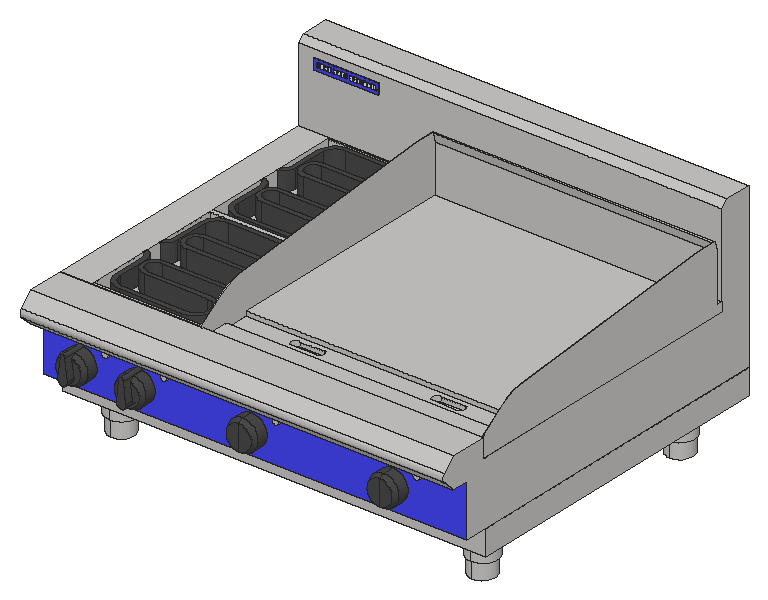
Revit family "QF_MOFFAT_BLUESEAL_CE_E516B-B", category Specialty Equipment, Revit 2012
Parameters
  Width [instance] = 900.0 mm  # constant formula
  Weight in Pounds = 198  # constant formula
  Watts = 11600 W
  Volts = 400 V
  URL Cutsheet = "www.moffat.com"
  URL = "www.moffat.com"
  Type Mark [instance] = ""
  Status [instance] = ""
  Specification by User [instance] = ""
  Specification by Manufacturer = ""
  Show Logo [instance] = yes
  Serial Number = ""
  Seismic Rating = ""
  SMACNA No = ""
  Revision Code [instance] = ""
  Phase = 3
  Omniclass Number and Title = ""
  Number of Poles = 1
  NAFEM Spec ID Number = ""
  Model = "E516B-B"
  Min Ckt Ampacity = 0 A
  Max Overcurrent Protection = 0 A
  Masterspec = ""
  Manufacturer = "MOFFAT BLUESEAL"
  Item Number [instance] = ""
  Installed By [instance] = ""
  Identify Quantity as Lot [instance] = yes
  Height [instance] = 370.0 mm  # constant formula
  HP = ""
  Furnished By [instance] = ""
  Foodservice Equipment Identifier [instance] = yes
  FL Amps = 20 A
  Electrical Remarks = "20A PER PHASE"
  Elec Conn RI Height = 0.0 mm
  Elec Conn Connection Height = 0.0 mm
  Description = "900MM ELECTRIC COOK TOP BENCH MOUNT"
  Depth [instance] = 812.0 mm  # constant formula
  Cycle = 50 Hz
  Conn Plug = ""
  Conn Conduit = yes
  CSI MasterFormat = ""
  CSI Master Format = ""
  Base Height [instance] = 85.0 mm
  Apparent Power = if(Phase = 3, Volts * FL Amps * 1.73, Volts * FL Amps)  # 13840 VA
Reference planes
  plane 1 "BACK": y = 0
  plane 2: z = 0
  plane 3 "LEFT": x = 0
  plane 4 "RIGHT": x = 900
  plane 5 "FRONT": y = -812
  plane 6 "TOP": z = 375
  plane 7 "Center Y": x = 450
  plane 8 "Center X": y = -406
  plane 9 "Base Height": z = 85
  plane 10: z = 485
  plane 11: y = -100
  plane 12: y = -625
  plane 13: x = 834.5
  plane 14: x = 65.5
Forms (mm)
  Extrusion 1, solid, material "QF_Finishes_Stainless Steel"
    sketch origin (0, 0, 0) x (0, 1, 0) y (0, 0, 1)
      loop
        line (0, 140) -> (0, 485) -> (-57.5, 485) -> (-70, 472.5) -> (-70, 275) -> (-705, 275) -> (-705, 315) -> (-783.97, 315) -> (-808.485, 290.485)
        arc (-808.485, 290.485) -> (-811.999, 282) -> (-808.485, 273.515) r 12
        line (-808.485, 273.515) -> (-784.97, 250) -> (-749, 250) -> (-749, 140) -> (0, 140)
      loop
        line (0, 85) -> (0, 139.206) -> (-699, 139.206) -> (-699, 85) -> (0, 85)
    from 0 to 900
  Revolve 2, solid, material "QF_Finishes_Stainless Steel"
    sketch origin (65.5, -210, 0) x (0, 1, 0) y (0, 0, 1)
      loop
        line (78.25, 85) -> (78.25, 35) -> (82.5, 35) -> (82.5, 0) -> (110, 0) -> (110, 85) -> (78.25, 85)
      axis (110, 85) -> (110, 0)
    angle from 0 to 360
  Extrusion 3, void
    sketch origin (0, -706, 139.206) x (0, 1, 0) y (-1, 0, 0)
      loop
        circle (674, -770) r 13.5
    from 0 to -86.704
  Revolve 4, solid, material "QF_Finishes_Black"
    sketch origin (87.5, 7, -6.7) x (0, 1, 0) y (0, 0, -1)
      loop
        line (-789, -234.5) -> (-766, -234.5) -> (-766, -207) -> (-756, -207) -> (-756, -202) -> (-800, -202) -> (-800, -228.651) -> (-789, -234.5)
      axis (-800, -202) -> (-756, -202)
    angle from 0 to 360
  Extrusion 5, solid, material "QF_Finishes_Black"
    sketch origin (225.77, 0, -6.542) x (-1, 0, 0) y (0, 0, -1)
      loop
        line (143.268, -233.955) -> (148.757, -189.87)
        arc (148.757, -189.87) -> (137.685, -179.371) -> (127.85, -191.037) r 10.487
        line (127.85, -191.037) -> (133.271, -233.955)
        arc (133.271, -233.955) -> (138.27, -238.842) -> (143.268, -233.955) r 5
    from 759 to 808
  Revolve 6, solid, material "QF_Finishes_Stainless Steel"
    sketch origin (65.5, -728, 0) x (0, 1, 0) y (0, 0, 1)
      loop
        line (71.25, 85) -> (71.25, 35) -> (75.5, 35) -> (75.5, 0) -> (103, 0) -> (103, 85) -> (71.25, 85)
      axis (103, 85) -> (103, 0)
    angle from 0 to 360
  Extrusion 7, solid, material "QF_Finishes_Stainless Steel"
    sketch origin (0, -706, 139.206) x (0, 1, 0) y (-1, 0, 0)
      loop
        circle (675, -769.75) r 6.35
    from 0 to -24.206
  Extrusion 8, solid, material "QF_Finishes_Stainless Steel"
    sketch origin (0, -749, 250) x (0, 0, -1) y (1, 0, 0)
      loop
        circle (24.7, 132.5) r 7.15
      loop
        circle (24.7, 257.5) r 7.15
      loop
        circle (24.7, 495.734) r 7.15
      loop
        circle (24.7, 795.734) r 7.15
    from 0 to 3.2
  Revolve 9, solid, material "QF_Finishes_Stainless Steel"
    sketch origin (834.5, -210, 0) x (0, 1, 0) y (0, 0, -1)
      loop
        line (78.25, -85) -> (110, -85) -> (110, 0) -> (82.5, 0) -> (82.5, -35) -> (78.25, -35) -> (78.25, -85)
      axis (110, -85) -> (110, 0)
    angle from 0 to 360
  Revolve 10, solid, material "QF_Finishes_Stainless Steel"
    sketch origin (834.5, -728, 0) x (0, 1, 0) y (0, 0, -1)
      loop
        line (71.25, -85) -> (103, -85) -> (103, 0) -> (75.5, 0) -> (75.5, -35) -> (71.25, -35) -> (71.25, -85)
      axis (103, -85) -> (103, 0)
    angle from 0 to 360
  Revolve 11, solid, material "QF_Finishes_Black"
    sketch origin (211.766, 7, -6.7) x (0, 1, 0) y (0, 0, -1)
      loop
        line (-789, -234.5) -> (-766, -234.5) -> (-766, -207) -> (-756, -207) -> (-756, -202) -> (-800, -202) -> (-800, -228.651) -> (-789, -234.5)
      axis (-800, -202) -> (-756, -202)
    angle from 0 to 360
  Extrusion 12, solid, material "QF_Finishes_Black"
    sketch origin (350.035, 0, -6.542) x (-1, 0, 0) y (0, 0, -1)
      loop
        line (143.268, -233.955) -> (148.757, -189.87)
        arc (148.757, -189.87) -> (137.685, -179.371) -> (127.85, -191.037) r 10.487
        line (127.85, -191.037) -> (133.271, -233.955)
        arc (133.271, -233.955) -> (138.27, -238.842) -> (143.268, -233.955) r 5
    from 759 to 808
  Revolve 13, solid, material "QF_Finishes_Black"
    sketch origin (450, 7, -6.7) x (0, 1, 0) y (0, 0, -1)
      loop
        line (-789, -234.5) -> (-766, -234.5) -> (-766, -207) -> (-756, -207) -> (-756, -202) -> (-800, -202) -> (-800, -228.651) -> (-789, -234.5)
      axis (-800, -202) -> (-756, -202)
    angle from 0 to 360
  Revolve 14, solid, material "QF_Finishes_Black"
    sketch origin (750, 7, -6.7) x (0, 1, 0) y (0, 0, -1)
      loop
        line (-789, -234.5) -> (-766, -234.5) -> (-766, -207) -> (-756, -207) -> (-756, -202) -> (-800, -202) -> (-800, -228.651) -> (-789, -234.5)
      axis (-800, -202) -> (-756, -202)
    angle from 0 to 360
Cuts and joins
  joined: Revolve 4, Extrusion 5
  Extrusion 3 cuts Extrusion 1
Lines and regions (mm)
  Split face 1
    outline origin (900, 0, 485) x (-1, 0, 0) y (0, -1, 0)
      loop
        arc (856, 18.385) -> (864.66, 23.385) -> (864.66, 33.385) r 10
        line (864.66, 33.385) -> (860.619, 40.385)
        arc (860.619, 40.385) -> (856.959, 44.045) -> (851.959, 45.385) r 10
        line (851.959, 45.385) -> (624, 45.385)
        arc (624, 45.385) -> (615.34, 40.385) -> (615.34, 30.385) r 10
        line (615.34, 30.385) -> (619.381, 23.385)
        arc (619.381, 23.385) -> (623.041, 19.725) -> (628.041, 18.385) r 10
        line (628.041, 18.385) -> (856, 18.385)
  Split face 2
    outline origin (900, 0, 485) x (-1, 0, 0) y (0, -1, 0)
      loop
        arc (276, 18.385) -> (284.66, 23.385) -> (284.66, 33.385) r 10
        line (284.66, 33.385) -> (280.619, 40.385)
        arc (280.619, 40.385) -> (276.959, 44.045) -> (271.959, 45.385) r 10
        line (271.959, 45.385) -> (44, 45.385)
        arc (44, 45.385) -> (35.34, 40.385) -> (35.34, 30.385) r 10
        line (35.34, 30.385) -> (39.381, 23.385)
        arc (39.381, 23.385) -> (43.041, 19.725) -> (48.041, 18.385) r 10
        line (48.041, 18.385) -> (276, 18.385)
  Split face 3
    outline origin (900, 0, 485) x (-1, 0, 0) y (0, -1, 0)
      loop
        arc (566, 18.385) -> (574.66, 23.385) -> (574.66, 33.385) r 10
        line (574.66, 33.385) -> (570.619, 40.385)
        arc (570.619, 40.385) -> (566.959, 44.045) -> (561.959, 45.385) r 10
        line (561.959, 45.385) -> (334, 45.385)
        arc (334, 45.385) -> (325.34, 40.385) -> (325.34, 30.385) r 10
        line (325.34, 30.385) -> (329.381, 23.385)
        arc (329.381, 23.385) -> (333.041, 19.725) -> (338.041, 18.385) r 10
        line (338.041, 18.385) -> (566, 18.385)
  symbolic lines
    curve 1: line (0, -812, 0) -> (900, -812, 0)
    curve 2: line (0, 0, 0) -> (0, -812, 0)
    curve 3: line (900, 0, 0) -> (0, 0, 0)
    curve 4: line (900, -812, 0) -> (900, 0, 0)
    curve 5: line (0, -57.5, 0) -> (900, -57.5, 0)
    curve 6: line (0, -70, 0) -> (900, -70, 0)
    curve 7: line (0, -783.97, 0) -> (900, -783.97, 0)
    curve 8: line (0, -705, 0) -> (900, -705, 0)
    curve 9: line (271.959, -18.385, 0) -> (44, -18.385, 0)
    curve 10: arc (44, -18.385, 0) -> (35.34, -23.385, 0) -> (35.34, -33.385, 0) r 10
    curve 11: line (35.34, -33.385, 0) -> (39.381, -40.385, 0)
    curve 12: arc (39.381, -40.385, 0) -> (43.041, -44.045, 0) -> (48.041, -45.385, 0) r 10
    curve 13: line (48.041, -45.385, 0) -> (276, -45.385, 0)
    curve 14: arc (276, -45.385, 0) -> (284.66, -40.385, 0) -> (284.66, -30.385, 0) r 10
    curve 15: line (284.66, -30.385, 0) -> (280.619, -23.385, 0)
    curve 16: arc (280.619, -23.385, 0) -> (276.959, -19.725, 0) -> (271.959, -18.385, 0) r 10
    curve 17: line (334, -18.385, 0) -> (561.959, -18.385, 0)
    curve 18: arc (561.959, -18.385, 0) -> (566.959, -19.725, 0) -> (570.619, -23.385, 0) r 10
    curve 19: line (570.619, -23.385, 0) -> (574.66, -30.385, 0)
    curve 20: arc (574.66, -30.385, 0) -> (574.66, -40.385, 0) -> (566, -45.385, 0) r 10
    curve 21: line (566, -45.385, 0) -> (338.041, -45.385, 0)
    curve 22: arc (338.041, -45.385, 0) -> (333.041, -44.045, 0) -> (329.381, -40.385, 0) r 10
    curve 23: line (329.381, -40.385, 0) -> (325.34, -33.385, 0)
    curve 24: arc (325.34, -33.385, 0) -> (325.34, -23.385, 0) -> (334, -18.385, 0) r 10
    curve 25: line (624, -18.385, 0) -> (851.959, -18.385, 0)
    curve 26: arc (851.959, -18.385, 0) -> (856.959, -19.725, 0) -> (860.619, -23.385, 0) r 10
    curve 27: line (860.619, -23.385, 0) -> (864.66, -30.385, 0)
    curve 28: arc (864.66, -30.385, 0) -> (864.66, -40.385, 0) -> (856, -45.385, 0) r 10
    curve 29: line (856, -45.385, 0) -> (628.041, -45.385, 0)
    curve 30: arc (628.041, -45.385, 0) -> (623.041, -44.045, 0) -> (619.381, -40.385, 0) r 10
    curve 31: line (619.381, -40.385, 0) -> (615.34, -33.385, 0)
    curve 32: arc (615.34, -33.385, 0) -> (615.34, -23.385, 0) -> (624, -18.385, 0) r 10
Dimensions and locks
  equal spacing: plane 3 "LEFT", plane 7 "Center Y", plane 4 "RIGHT"
  "Width": plane 3 "LEFT" to plane 4 "RIGHT"
  equal spacing: plane 5 "FRONT", plane 8 "Center X", plane 1 "BACK"
  "Depth": plane 5 "FRONT" to plane 1 "BACK"
  "Base Height": plane 9 "Base Height" to level
  locked: plane 6 "TOP" to plane 9 "Base Height" at 290
  plane 6 "TOP" to level = 375.0 mm
  locked: plane 10 to plane 2 at 485
  Extrusion 7 sketch curve to plane 1 "BACK" = 31.0 mm
  cut or joined group of Extrusion 1, Extrusion 3 to plane 2 = 315.0 mm
  aligned and locked: level to plane 2
  aligned and locked: Revolve 2 sketch curve to plane 9 "Base Height"
  aligned and locked: cut or joined group of Extrusion 1, Extrusion 3 to plane 4 "RIGHT"
Automatic sketch dimensions
  curve 1 to plane 3 "LEFT" = 0.0 mm
  curve 4 to plane 4 "RIGHT" = 0.0 mm
  plane 5 "FRONT" to curve 1 = 0.0 mm
  plane 1 "BACK" to curve 3 = 0.0 mm
  curve 11 to plane 14 = 30.16 mm
  curve 11 to curve 12 = 4.041 mm
  curve 10 to curve 9 = 8.66 mm
  curve 11 to curve 12 = 8.66 mm
  plane 1 "BACK" to curve 16 = 28.385 mm
  curve 16 to plane 7 "Center Y" = 178.041 mm
  curve 16 to curve 14 = 4.041 mm  (x2)
  plane 1 "BACK" to curve 15 = 23.385 mm
  curve 9 to curve 15 = 8.66 mm
  plane 1 "BACK" to curve 23 = 33.385 mm
  curve 15 to curve 23 = 40.679 mm
  curve 24 to curve 22 = 4.041 mm  (x2)
  curve 24 to curve 24 = 8.66 mm
  plane 1 "BACK" to curve 18 = 18.385 mm
  plane 7 "Center Y" to curve 18 = 111.959 mm
  curve 18 to curve 21 = 4.041 mm
  curve 17 to curve 18 = 8.66 mm
  plane 1 "BACK" to curve 19 = 30.385 mm
  curve 18 to curve 19 = 4.041 mm
  plane 1 "BACK" to curve 31 = 33.385 mm
  curve 19 to curve 31 = 40.679 mm
  plane 1 "BACK" to curve 31 = 40.385 mm
  curve 31 to curve 31 = 4.041 mm
  curve 32 to curve 32 = 8.66 mm
  curve 31 to curve 30 = 8.66 mm
  plane 13 to curve 26 = 17.459 mm
  curve 26 to curve 29 = 4.041 mm
  curve 25 to curve 27 = 8.66 mm
  curve 26 to curve 27 = 4.041 mm
  curve 7 to plane 5 "FRONT" = 28.03 mm
  curve 7 to curve 8 = 78.97 mm
  plane 11 to curve 6 = 30.0 mm
  curve 6 to curve 5 = 12.5 mm
  curve 21 to curve 24 = 17.0 mm
  plane 1 "BACK" to curve 28 = 45.385 mm
  curve 14 to curve 16 = 17.0 mm
  curve 13 to curve 12 = 5.0 mm
  curve 22 to curve 24 = 7.0 mm
  curve 29 to curve 28 = 10.0 mm
  curve 14 to curve 16 = 7.0 mm
  curve 12 to curve 10 = 7.0 mm
  curve 28 to curve 26 = 7.0 mm
  curve 30 to curve 32 = 7.0 mm
  curve 20 to curve 18 = 7.0 mm
  Extrusion 1 sketch curve to plane 9 "Base Height" = 0.0 mm
  Extrusion 1 sketch curve to plane 10 = 0.0 mm
  Extrusion 1 sketch curve to plane 1 "BACK" = 0.0 mm  (x2)
  plane 11 to Extrusion 1 sketch curve = 42.5 mm
  Extrusion 1 sketch curve to plane 10 = 12.5 mm
  Extrusion 1 sketch curve to Extrusion 1 sketch curve = 12.5 mm
  Extrusion 1 sketch curve to plane 12 = 74.0 mm
  Extrusion 1 sketch curve to plane 12 = 80.0 mm
  Extrusion 1 sketch curve to Extrusion 1 sketch curve = 44.0 mm
  Extrusion 1 sketch curve to plane 5 "FRONT" = 28.03 mm
  Extrusion 1 sketch curve to plane 5 "FRONT" = 27.03 mm
  Extrusion 1 sketch curve to plane 5 "FRONT" = 12.001 mm
  Extrusion 1 sketch curve to plane 5 "FRONT" = 3.515 mm  (x2)
  plane 9 "Base Height" to Extrusion 1 sketch curve = 54.206 mm
  Extrusion 1 sketch curve to Extrusion 1 sketch curve = 0.794 mm
  Extrusion 1 sketch curve to Extrusion 1 sketch curve = 110.0 mm
  Extrusion 1 sketch curve to Extrusion 1 sketch curve = 23.515 mm
  Extrusion 1 sketch curve to Extrusion 1 sketch curve = 25.0 mm
  Extrusion 1 sketch curve to Extrusion 1 sketch curve = 8.485 mm
  Extrusion 1 sketch curve to Extrusion 1 sketch curve = 24.515 mm
  Revolve 2 sketch curve to level = 0.0 mm
  Revolve 2 sketch curve to plane 11 = 0.0 mm  (x2)
  Revolve 2 sketch curve to Revolve 2 sketch curve = 27.5 mm
  Revolve 2 sketch curve to Revolve 2 sketch curve = 31.75 mm
  Revolve 2 sketch curve to Revolve 2 sketch curve = 55.0 mm
  level to Revolve 2 sketch curve = 35.0 mm
  Revolve 2 sketch curve to plane 9 "Base Height" = 30.0 mm
  Extrusion 1 to Extrusion 3 sketch curve = 32.0 mm
  Extrusion 1 to Extrusion 3 sketch curve = 130.0 mm
  Revolve 4 sketch curve to plane 5 "FRONT" = 19.0 mm
  Revolve 4 sketch curve to Revolve 4 sketch curve = 0.0 mm  (x2)
  Revolve 4 sketch curve to Revolve 4 sketch curve = 11.0 mm
  Revolve 4 sketch curve to Revolve 4 sketch curve = 12.7 mm
  Revolve 4 sketch curve to Revolve 4 sketch curve = 23.0 mm
  Revolve 4 sketch curve to Revolve 4 sketch curve = 10.0 mm
  plane 9 "Base Height" to Revolve 4 sketch curve = 142.8 mm
  Revolve 4 sketch curve to Revolve 4 sketch curve = 5.849 mm
  Revolve 4 sketch curve to Revolve 4 sketch curve = 27.5 mm
  Revolve 4 sketch curve to Revolve 4 sketch curve = 5.0 mm
  plane 14 to Extrusion 5 sketch curve = 32.419 mm
  plane 14 to Extrusion 5 sketch curve = 26.999 mm
  Extrusion 5 sketch curve to Extrusion 5 sketch curve = 4.999 mm  (x2)
  Extrusion 5 sketch curve to Extrusion 5 sketch curve = 10.419 mm
  Extrusion 5 sketch curve to Extrusion 5 sketch curve = 10.487 mm
  plane 9 "Base Height" to Extrusion 5 sketch curve = 142.413 mm
  Extrusion 5 sketch curve to Extrusion 5 sketch curve = 0.113 mm
  Extrusion 5 sketch curve to Extrusion 5 sketch curve = 42.919 mm
  Extrusion 5 sketch curve to Extrusion 5 sketch curve = 1.167 mm
  Revolve 6 sketch curve to plane 9 "Base Height" = 0.0 mm
  Revolve 6 sketch curve to level = 0.0 mm
  Revolve 6 sketch curve to plane 12 = 0.0 mm  (x2)
  Revolve 6 sketch curve to Revolve 6 sketch curve = 27.5 mm
  Revolve 6 sketch curve to Revolve 6 sketch curve = 31.75 mm
  Revolve 6 sketch curve to level = 55.0 mm
  Revolve 6 sketch curve to Revolve 6 sketch curve = 35.0 mm
  Revolve 6 sketch curve to Revolve 6 sketch curve = 30.0 mm
  Extrusion 1 to Extrusion 7 sketch curve = 130.25 mm
  Split face 1 sketch curve to cut or joined group of Extrusion 1, Extrusion 3 = 27.115 mm
  Split face 1 sketch curve to cut or joined group of Extrusion 1, Extrusion 3 = 284.66 mm
  Split face 1 sketch curve to Split face 1 sketch curve = 4.041 mm  (x4)
  Split face 1 sketch curve to Split face 1 sketch curve = 8.66 mm  (x2)
  Split face 1 sketch curve to cut or joined group of Extrusion 1, Extrusion 3 = 12.115 mm
  Split face 1 sketch curve to cut or joined group of Extrusion 1, Extrusion 3 = 48.041 mm
  Split face 1 sketch curve to Split face 1 sketch curve = 7.0 mm  (x3)
  Split face 1 sketch curve to Split face 1 sketch curve = 17.0 mm
  Split face 2 sketch curve to cut or joined group of Extrusion 1, Extrusion 3 = 35.34 mm
  Split face 2 sketch curve to Split face 2 sketch curve = 4.041 mm  (x4)
  Split face 2 sketch curve to Split face 2 sketch curve = 8.66 mm  (x2)
  Split face 2 sketch curve to cut or joined group of Extrusion 1, Extrusion 3 = 12.115 mm
  Split face 2 sketch curve to Split face 2 sketch curve = 223.917 mm
  Split face 2 sketch curve to Split face 2 sketch curve = 5.0 mm
  Split face 2 sketch curve to Split face 2 sketch curve = 10.0 mm
  Split face 2 sketch curve to Split face 2 sketch curve = 7.0 mm  (x3)
  Extrusion 1 to Extrusion 8 sketch curve = 24.7 mm  (x4)
  Extrusion 1 to Extrusion 8 sketch curve = 132.5 mm
  Extrusion 8 sketch curve to Extrusion 8 sketch curve = 125.0 mm
  Extrusion 8 sketch curve to Extrusion 8 sketch curve = 238.234 mm
  Extrusion 1 to Extrusion 8 sketch curve = 104.266 mm
  Revolve 9 sketch curve to plane 9 "Base Height" = 0.0 mm
  Revolve 9 sketch curve to level = 0.0 mm
  Revolve 9 sketch curve to plane 11 = 0.0 mm  (x2)
  Revolve 9 sketch curve to Revolve 9 sketch curve = 27.5 mm
  Revolve 9 sketch curve to Revolve 9 sketch curve = 31.75 mm
  Revolve 9 sketch curve to plane 9 "Base Height" = 30.0 mm
  Revolve 9 sketch curve to Revolve 9 sketch curve = 20.0 mm
  Revolve 9 sketch curve to level = 55.0 mm
  Revolve 10 sketch curve to plane 9 "Base Height" = 0.0 mm
  Revolve 10 sketch curve to level = 0.0 mm
  Revolve 10 sketch curve to plane 12 = 0.0 mm  (x2)
  Revolve 10 sketch curve to Revolve 10 sketch curve = 27.5 mm
  Revolve 10 sketch curve to Revolve 10 sketch curve = 31.75 mm
  Revolve 10 sketch curve to Revolve 10 sketch curve = 30.0 mm
  Revolve 10 sketch curve to Revolve 10 sketch curve = 20.0 mm
  Revolve 10 sketch curve to level = 55.0 mm
  Revolve 11 sketch curve to plane 5 "FRONT" = 19.0 mm
  Revolve 11 sketch curve to Revolve 11 sketch curve = 0.0 mm  (x2)
  Revolve 11 sketch curve to Revolve 11 sketch curve = 11.0 mm
  Revolve 11 sketch curve to Revolve 11 sketch curve = 12.7 mm
  Revolve 11 sketch curve to Revolve 11 sketch curve = 23.0 mm
  Revolve 11 sketch curve to Revolve 11 sketch curve = 10.0 mm
  plane 9 "Base Height" to Revolve 11 sketch curve = 142.8 mm
  Revolve 11 sketch curve to Revolve 11 sketch curve = 5.849 mm
  Revolve 11 sketch curve to Revolve 11 sketch curve = 27.5 mm
  Revolve 11 sketch curve to Revolve 11 sketch curve = 5.0 mm
  plane 14 to Extrusion 12 sketch curve = 156.685 mm
  Extrusion 12 sketch curve to Extrusion 12 sketch curve = 5.421 mm
  Extrusion 12 sketch curve to Extrusion 12 sketch curve = 4.999 mm  (x2)
  Extrusion 12 sketch curve to Extrusion 12 sketch curve = 10.419 mm
  plane 9 "Base Height" to Extrusion 12 sketch curve = 98.328 mm
  Extrusion 12 sketch curve to Extrusion 12 sketch curve = 10.487 mm
  Extrusion 12 sketch curve to Extrusion 12 sketch curve = 1.167 mm
  Extrusion 12 sketch curve to Extrusion 12 sketch curve = 44.0 mm
  Extrusion 12 sketch curve to Extrusion 12 sketch curve = 0.113 mm
  Revolve 13 sketch curve to plane 5 "FRONT" = 19.0 mm
  Revolve 13 sketch curve to Revolve 13 sketch curve = 0.0 mm  (x2)
  Revolve 13 sketch curve to Revolve 13 sketch curve = 11.0 mm
  Revolve 13 sketch curve to Revolve 13 sketch curve = 12.7 mm
  Revolve 13 sketch curve to Revolve 13 sketch curve = 23.0 mm
  Revolve 13 sketch curve to Revolve 13 sketch curve = 10.0 mm
  plane 9 "Base Height" to Revolve 13 sketch curve = 142.8 mm
  Revolve 13 sketch curve to Revolve 13 sketch curve = 5.849 mm
  Revolve 13 sketch curve to Revolve 13 sketch curve = 27.5 mm
  Revolve 13 sketch curve to Revolve 13 sketch curve = 5.0 mm
  Split face 3 sketch curve to cut or joined group of Extrusion 1, Extrusion 3 = 27.115 mm
  Split face 3 sketch curve to cut or joined group of Extrusion 1, Extrusion 3 = 325.34 mm
  Split face 3 sketch curve to Split face 3 sketch curve = 4.041 mm  (x4)
  Split face 3 sketch curve to Split face 3 sketch curve = 8.66 mm  (x2)
  Split face 3 sketch curve to cut or joined group of Extrusion 1, Extrusion 3 = 12.115 mm
  Split face 3 sketch curve to Split face 3 sketch curve = 223.917 mm
  Split face 3 sketch curve to Split face 3 sketch curve = 7.0 mm  (x3)
  Split face 3 sketch curve to Split face 3 sketch curve = 17.0 mm
  Revolve 14 sketch curve to plane 5 "FRONT" = 19.0 mm
  Revolve 14 sketch curve to Revolve 14 sketch curve = 0.0 mm  (x2)
  Revolve 14 sketch curve to Revolve 14 sketch curve = 11.0 mm
  Revolve 14 sketch curve to Revolve 14 sketch curve = 12.7 mm
  Revolve 14 sketch curve to Revolve 14 sketch curve = 23.0 mm
  Revolve 14 sketch curve to Revolve 14 sketch curve = 10.0 mm
  plane 9 "Base Height" to Revolve 14 sketch curve = 142.8 mm
  Revolve 14 sketch curve to Revolve 14 sketch curve = 5.849 mm
  Revolve 14 sketch curve to Revolve 14 sketch curve = 27.5 mm
  Revolve 14 sketch curve to Revolve 14 sketch curve = 5.0 mm
  radius of Extrusion 3 sketch curve = 13.5 mm
  radius of Extrusion 7 sketch curve = 6.35 mm
  radius of Extrusion 8 sketch curve = 7.15 mm  (x4)
Nested families
  nested 1: "WALDORF LOGO_FACE BASE" at (32, -70, 456.885) x (1, 0, 0) z (0, -1, 0), visible <- "Show Logo", type "WALDORF LOGO_FACE BASE", detail levels medium+fine
    with Show Logo yes
  nested 2: "ELECTRIC BURNER & GRIDDLE 900" at (0, -70, 275), type "ELECTRIC BURNER & GRIDDLE 900"
    with Width 900.0 mm, Type Mark "", Status "", Specification by User "", Revision Code "", Item Number "", Installed By "", Identify Quantity as Lot yes, Furnished By "", Foodservice Equipment Identifier yes, Depth 635.0 mm
Connectors
  electrical at (769.75, -31, 115), driven by "Volts", driven by "Watts"
    settings: on Extrusion 7, index 1, voltage 400 V, apparent load 11600 VA, apparent load phase1 0 VA, apparent load phase2 0 VA, apparent load phase3 0 VA, power factor 1, load classification "Other", number of poles 1, system type 30, power factor state 1, is connector primary yes, connector utility no, sub classification motor no, connector description "ELECTRICAL CONNECTION"
Definition of nested family "WALDORF LOGO_FACE BASE"
  Parameters (values of type "WALDORF LOGO_FACE BASE")
    Show Logo [instance] = yes
    Default Elevation = 1219.2 mm
  Reference planes
    plane 1 "Center (Front/Back)": y = 0
    plane 2: z = 0
    plane 3 "Center (Left/Right)": x = 0
  Forms (mm)
    Extrusion 1, solid
      sketch origin (0, 0, 0) x (1, 0, 0) y (0, 1, 0)
        loop
          line (-1219.2, 1219.2) -> (-1219.2, -1219.2) -> (1219.2, -1219.2) -> (1219.2, 1219.2) -> (-1219.2, 1219.2)
      from 0 to -304.8
    Extrusion 2, solid, material "QF_Finishes_Blue", visible <- "Show Logo"
      sketch origin (0, -33.217, 0) x (1, 0, 0) y (0, 1, 0)
        loop
          arc (138, 31.942) -> (137.626, 32.844) -> (136.724, 33.217) r 1.276
          line (136.724, 33.217) -> (1.29, 33.217)
          arc (1.29, 33.217) -> (0.378, 32.839) -> (0, 31.927) r 1.29
          line (0, 31.927) -> (0, 11.507)
          arc (0, 11.507) -> (0.378, 10.595) -> (1.29, 10.217) r 1.29
          line (1.29, 10.217) -> (136.71, 10.217)
          arc (136.71, 10.217) -> (137.622, 10.595) -> (138, 11.507) r 1.29
          line (138, 11.507) -> (138, 31.942)
      from 0 to 1.588
    Extrusion 3, solid, material "QF_Finishes_White", visible <- "Show Logo"
      sketch origin (0, -33.217, 1.588) x (1, 0, 0) y (0, 1, 0)
        loop
          arc (108.946, 25.919) -> (107.613, 25.367) -> (107.061, 24.034) r 1.885
          line (107.061, 24.034) -> (107.061, 17.211) -> (112.704, 17.211) -> (112.704, 19.129) -> (115.546, 19.129) -> (115.546, 17.211) -> (121.584, 17.211) -> (121.584, 24.075)
          arc (121.584, 24.075) -> (121.043, 25.379) -> (119.739, 25.919) r 1.845
          line (119.739, 25.919) -> (108.946, 25.919)
        loop
          line (123.478, 25.919) -> (123.478, 17.163) -> (134.904, 17.163) -> (134.904, 19.129) -> (129.246, 19.129) -> (129.246, 25.919) -> (123.478, 25.919)
        loop
          line (112.704, 21.258) -> (115.546, 21.258) -> (115.546, 22.702)
          arc (115.546, 22.702) -> (115.344, 23.188) -> (114.858, 23.389) r 0.687
          line (114.858, 23.389) -> (113.363, 23.389)
          arc (113.363, 23.389) -> (112.897, 23.196) -> (112.704, 22.73) r 0.658
          line (112.704, 22.73) -> (112.704, 21.258)
        loop
          line (105.071, 25.919) -> (93.771, 25.919) -> (93.771, 17.163) -> (105.071, 17.163) -> (105.071, 19.063) -> (99.535, 19.063) -> (99.535, 20.437) -> (105.071, 20.437) -> (105.071, 22.278) -> (99.535, 22.278) -> (99.535, 23.587) -> (105.071, 23.587) -> (105.071, 25.919)
        loop
          line (91.104, 25.919) -> (79.541, 25.919)
          arc (79.541, 25.919) -> (78.558, 25.513) -> (78.152, 24.53) r 1.389
          line (78.152, 24.53) -> (78.152, 22.08)
          arc (78.152, 22.08) -> (78.558, 21.098) -> (79.541, 20.691) r 1.389
          line (79.541, 20.691) -> (86.346, 20.691) -> (86.346, 18.864) -> (83.266, 18.864) -> (83.266, 19.664) -> (78.152, 19.664) -> (78.152, 18.553)
          arc (78.152, 18.553) -> (78.558, 17.57) -> (79.541, 17.163) r 1.389
          line (79.541, 17.163) -> (91.063, 17.163)
          arc (91.063, 17.163) -> (92.045, 17.57) -> (92.452, 18.553) r 1.389
          line (92.452, 18.553) -> (92.452, 20.691)
          arc (92.452, 20.691) -> (92.045, 21.673) -> (91.063, 22.08) r 1.389
          line (91.063, 22.08) -> (83.266, 22.08) -> (83.266, 23.984) -> (86.346, 23.984) -> (86.346, 22.743) -> (92.452, 22.743) -> (92.452, 24.571)
          arc (92.452, 24.571) -> (92.057, 25.524) -> (91.104, 25.919) r 1.348
        loop
          line (70.705, 25.919) -> (59.405, 25.919) -> (59.405, 17.163) -> (70.705, 17.163) -> (70.705, 19.063) -> (65.169, 19.063) -> (65.169, 20.437) -> (70.705, 20.437) -> (70.705, 22.278) -> (65.169, 22.278) -> (65.169, 23.587) -> (70.705, 23.587) -> (70.705, 25.919)
        loop
          line (57.598, 25.919) -> (51.7, 25.919) -> (51.7, 20.18)
          arc (51.7, 20.18) -> (50.63, 19.11) -> (49.56, 20.18) r 1.07
          line (49.56, 20.18) -> (49.56, 25.919) -> (43.663, 25.919) -> (43.663, 19.049)
          arc (43.663, 19.049) -> (44.215, 17.716) -> (45.548, 17.163) r 1.885
          line (45.548, 17.163) -> (55.71, 17.163)
          arc (55.71, 17.163) -> (57.045, 17.716) -> (57.598, 19.051) r 1.887
          line (57.598, 19.051) -> (57.598, 25.919)
        loop
          line (31.62, 25.919) -> (31.62, 17.163) -> (43.046, 17.163) -> (43.046, 19.129) -> (37.388, 19.129) -> (37.388, 25.919) -> (31.62, 25.919)
        loop
          line (15.969, 25.919) -> (15.969, 17.163) -> (28.693, 17.163)
          arc (28.693, 17.163) -> (29.812, 17.627) -> (30.276, 18.746) r 1.582
          line (30.276, 18.746) -> (30.276, 20.447) -> (29.48, 21.243) -> (30.276, 22.039) -> (30.276, 24.332)
          arc (30.276, 24.332) -> (29.811, 25.454) -> (28.688, 25.919) r 1.587
          line (28.688, 25.919) -> (15.969, 25.919)
        loop
          line (21.449, 24.159) -> (21.449, 22.436) -> (23.862, 22.436)
          arc (23.862, 22.436) -> (24.723, 23.298) -> (23.862, 24.159) r 0.861
          line (23.862, 24.159) -> (21.449, 24.159)
        loop
          line (21.449, 20.244) -> (21.449, 18.522) -> (23.862, 18.522)
          arc (23.862, 18.522) -> (24.723, 19.383) -> (23.862, 20.244) r 0.861
          line (23.862, 20.244) -> (21.449, 20.244)
      from 0 to 0.2
    Extrusion 4, solid, material "QF_Finishes_Blue", visible <- "Show Logo"
      sketch origin (-126.498, -31.09, 1.588) x (1, 0, 0) y (0, 1, 0)
        loop
          line (136.738, 23.522) -> (136.738, 15.1)
          arc (136.738, 15.1) -> (140.756, 19.311) -> (136.738, 23.522) r 4.216
      from 0 to 0.2
    Extrusion 5, solid, material "QF_Finishes_Red", visible <- "Show Logo"
      sketch origin (146.849, -31.09, 1.588) x (-1, 0, 0) y (0, -1, 0)
        loop
          arc (136.738, -23.522) -> (140.756, -19.311) -> (136.738, -15.1) r 4.216
          line (136.738, -15.1) -> (136.738, -23.522)
      from 0 to 0.2
  Lines and regions (mm)
    Split face 1
      outline origin (-90.35, -30.793, 1.588) x (1, 0, 0) y (0, 1, 0)
        loop
          circle (100.54, 19.013) r 4.536
  Dimensions and locks
    aligned and locked: plane 2 to Extrusion 1
    aligned and locked: level to Extrusion 1
Definition of nested family "ELECTRIC BURNER & GRIDDLE 900"
  Parameters (values of type "ELECTRIC BURNER & GRIDDLE 900")
    Width [instance] = 900.0 mm
    Weight in Pounds = 0
    URL Cutsheet = ""
    Type Mark [instance] = ""
    Status [instance] = ""
    Specification by User [instance] = ""
    Specification by Manufacturer = ""
    Serial Number = ""
    Seismic Rating = ""
    SMACNA No = ""
    Revision Code [instance] = ""
    Omniclass Number and Title = ""
    NAFEM Spec ID Number = ""
    Masterspec = ""
    Item Number [instance] = ""
    Installed By [instance] = ""
    Identify Quantity as Lot [instance] = yes
    Furnished By [instance] = ""
    Foodservice Equipment Identifier [instance] = yes
    Depth [instance] = 635.0 mm
    CSI MasterFormat = ""
    CSI Master Format = ""
  Reference planes
    plane 1 "BACK": y = 0
    plane 2: z = 0
    plane 3 "LEFT": x = 0
    plane 4 "RIGHT": x = 900
    plane 5 "FRONT": y = -635
    plane 6 "TOP": z = 142.5
    plane 7 "Center Y": x = 450
    plane 8 "Center X": y = -317.5
    plane 9: y = -70
    plane 10: x = 65.8
    plane 11: y = 70
  Forms (mm)
    Extrusion 1, solid, material "QF_Finishes_Stainless Steel"
      sketch origin (0, 1, 0) x (0, -1, 0) y (1, 0, 0)
        loop
          line (1, 0) -> (636, 0) -> (636, 300) -> (1, 300) -> (1, 0)
        loop
          line (631, 65.8) -> (631, 294.362) -> (321.251, 294.362) -> (321.251, 65.8) -> (631, 65.8)
        loop
          line (6, 294.362) -> (6, 65.8) -> (313.651, 65.8) -> (313.651, 294.362) -> (6, 294.362)
      from 0 to 40
    Extrusion 2, solid, material "QF_Finishes_Black"
      sketch origin (0, 15.7, 0) x (0, -1, 0) y (1, 0, 0)
        loop
          arc (156.993, 65.612) -> (148.172, 80.048) -> (132.304, 85.912) r 25.79
          line (132.304, 85.912) -> (61.096, 85.912)
          arc (61.096, 85.912) -> (42.545, 94.459) -> (35.45, 113.612) r 26.722
          line (35.45, 113.612) -> (35.45, 246.212)
          arc (35.45, 246.212) -> (63.15, 273.912) -> (90.85, 246.212) r 27.7
          line (90.85, 246.212) -> (90.85, 113.769)
          arc (90.85, 113.769) -> (118.55, 86.069) -> (146.25, 113.769) r 27.7
          line (146.25, 113.769) -> (146.25, 246.212)
          arc (146.25, 246.212) -> (173.95, 273.912) -> (201.65, 246.212) r 27.7
          line (201.65, 246.212) -> (201.65, 114.237)
          arc (201.65, 114.237) -> (229.35, 86.537) -> (257.05, 114.237) r 27.7
          line (257.05, 114.237) -> (257.05, 246.212)
          arc (257.05, 246.212) -> (284.75, 273.912) -> (312.45, 246.212) r 27.7
          line (312.45, 246.212) -> (312.45, 113.612)
          arc (312.45, 113.612) -> (305.355, 94.459) -> (286.804, 85.912) r 26.722
          line (286.804, 85.912) -> (215.596, 85.912)
          arc (215.596, 85.912) -> (199.705, 80.037) -> (190.819, 65.612) r 25.973
          line (190.819, 65.612) -> (201.232, 65.612)
          arc (201.232, 65.612) -> (206.91, 72.964) -> (215.719, 75.912) r 15.973
          line (215.719, 75.912) -> (286.986, 75.912)
          arc (286.986, 75.912) -> (312.551, 87.513) -> (322.45, 113.784) r 36.722
          line (322.45, 113.784) -> (322.45, 246.212)
          arc (322.45, 246.212) -> (284.75, 283.912) -> (247.05, 246.212) r 37.7
          line (247.05, 246.212) -> (247.05, 113.612)
          arc (247.05, 113.612) -> (229.35, 95.912) -> (211.65, 113.612) r 17.7
          line (211.65, 113.612) -> (211.65, 246.212)
          arc (211.65, 246.212) -> (173.95, 283.912) -> (136.25, 246.212) r 37.7
          line (136.25, 246.212) -> (136.25, 113.612)
          arc (136.25, 113.612) -> (118.55, 95.912) -> (100.85, 113.612) r 17.7
          line (100.85, 113.612) -> (100.85, 246.212)
          arc (100.85, 246.212) -> (63.15, 283.912) -> (25.45, 246.212) r 37.7
          line (25.45, 246.212) -> (25.45, 113.784)
          arc (25.45, 113.784) -> (35.349, 87.513) -> (60.914, 75.912) r 36.722
          line (60.914, 75.912) -> (132.193, 75.912)
          arc (132.193, 75.912) -> (140.976, 72.972) -> (146.6, 65.612) r 15.79
          line (146.6, 65.612) -> (156.993, 65.612)
        loop
          arc (469.581, 65.612) -> (460.695, 80.037) -> (444.804, 85.912) r 25.973
          line (444.804, 85.912) -> (373.596, 85.912)
          arc (373.596, 85.912) -> (355.045, 94.459) -> (347.95, 113.612) r 26.722
          line (347.95, 113.612) -> (347.95, 246.212)
          arc (347.95, 246.212) -> (375.65, 273.912) -> (403.35, 246.212) r 27.7
          line (403.35, 246.212) -> (403.35, 114.862)
          arc (403.35, 114.862) -> (431.05, 87.162) -> (458.75, 114.862) r 27.7
          line (458.75, 114.862) -> (458.75, 246.212)
          arc (458.75, 246.212) -> (486.45, 273.912) -> (514.15, 246.212) r 27.7
          line (514.15, 246.212) -> (514.15, 114.862)
          arc (514.15, 114.862) -> (541.85, 87.162) -> (569.55, 114.862) r 27.7
          line (569.55, 114.862) -> (569.55, 246.212)
          arc (569.55, 246.212) -> (597.25, 273.912) -> (624.95, 246.212) r 27.7
          line (624.95, 246.212) -> (624.95, 113.612)
          arc (624.95, 113.612) -> (617.855, 94.459) -> (599.304, 85.912) r 26.722
          line (599.304, 85.912) -> (528.096, 85.912)
          arc (528.096, 85.912) -> (511.987, 79.848) -> (503.282, 65) r 25.79
          line (503.282, 65) -> (513.588, 65)
          arc (513.588, 65) -> (519.162, 72.781) -> (528.207, 75.912) r 15.79
          line (528.207, 75.912) -> (599.486, 75.912)
          arc (599.486, 75.912) -> (625.051, 87.513) -> (634.95, 113.784) r 36.722
          line (634.95, 113.784) -> (634.95, 246.212)
          arc (634.95, 246.212) -> (597.25, 283.912) -> (559.55, 246.212) r 37.7
          line (559.55, 246.212) -> (559.55, 113.612)
          arc (559.55, 113.612) -> (541.85, 95.912) -> (524.15, 113.612) r 17.7
          line (524.15, 113.612) -> (524.15, 246.212)
          arc (524.15, 246.212) -> (486.45, 283.912) -> (448.75, 246.212) r 37.7
          line (448.75, 246.212) -> (448.75, 113.612)
          arc (448.75, 113.612) -> (431.05, 95.912) -> (413.35, 113.612) r 17.7
          line (413.35, 113.612) -> (413.35, 246.212)
          arc (413.35, 246.212) -> (375.65, 283.912) -> (337.95, 246.212) r 37.7
          line (337.95, 246.212) -> (337.95, 113.784)
          arc (337.95, 113.784) -> (347.849, 87.513) -> (373.414, 75.912) r 36.722
          line (373.414, 75.912) -> (444.681, 75.912)
          arc (444.681, 75.912) -> (453.49, 72.964) -> (459.168, 65.612) r 15.973
          line (459.168, 65.612) -> (469.581, 65.612)
      from 0 to 40
  Lines and regions (mm)
    symbolic lines
      curve 1: line (0, -635, 0) -> (900, -635, 0)
      curve 2: line (834.388, -635, 0) -> (900, -635, 0)
      curve 3: line (0, -635, 0) -> (900, -635, 0)
      curve 4: line (900, -635, 0) -> (900, 0, 0)
      curve 5: line (900, 0, 0) -> (0, 0, 0)
      curve 6: line (0, -635, 0) -> (65.8, -635, 0)
      curve 7: line (65.8, -635, 0) -> (65.8, -320.251, 0)
      curve 8: line (65.8, -320.251, 0) -> (294.362, -320.251, 0)
      curve 9: line (294.362, -634.701, 0) -> (305.638, -634.701, 0)
      curve 10: line (113.612, -19.75, 0) -> (246.212, -19.75, 0)
      curve 11: arc (246.212, -19.75, 0) -> (273.912, -47.45, 0) -> (246.212, -75.15, 0) r 27.7
      curve 12: line (246.212, -75.15, 0) -> (113.769, -75.15, 0)
      curve 13: arc (113.769, -75.15, 0) -> (86.069, -102.85, 0) -> (113.769, -130.55, 0) r 27.7
      curve 14: line (113.769, -130.55, 0) -> (246.212, -130.55, 0)
      curve 15: arc (246.212, -130.55, 0) -> (273.912, -158.25, 0) -> (246.212, -185.95, 0) r 27.7
      curve 16: line (246.212, -185.95, 0) -> (114.237, -185.95, 0)
      curve 17: arc (114.237, -185.95, 0) -> (86.537, -213.65, 0) -> (114.237, -241.35, 0) r 27.7
      curve 18: line (114.237, -241.35, 0) -> (246.212, -241.35, 0)
      curve 19: arc (246.212, -241.35, 0) -> (273.912, -269.05, 0) -> (246.212, -296.75, 0) r 27.7
      curve 20: line (246.212, -296.75, 0) -> (113.612, -296.75, 0)
      curve 21: arc (113.612, -296.75, 0) -> (94.459, -289.655, 0) -> (85.912, -271.104, 0) r 26.722
      curve 22: line (85.912, -271.104, 0) -> (85.912, -199.896, 0)
      curve 23: arc (85.912, -199.896, 0) -> (80.037, -184.005, 0) -> (65.612, -175.119, 0) r 25.973
      curve 24: line (65.612, -175.119, 0) -> (65.612, -185.532, 0)
      curve 25: arc (65.612, -185.532, 0) -> (72.964, -191.21, 0) -> (75.912, -200.019, 0) r 15.973
      curve 26: line (75.912, -200.019, 0) -> (75.912, -271.286, 0)
      curve 27: arc (75.912, -271.286, 0) -> (87.513, -296.851, 0) -> (113.784, -306.75, 0) r 36.722
      curve 28: line (113.784, -306.75, 0) -> (246.212, -306.75, 0)
      curve 29: arc (246.212, -306.75, 0) -> (283.912, -269.05, 0) -> (246.212, -231.35, 0) r 37.7
      curve 30: line (246.212, -231.35, 0) -> (113.612, -231.35, 0)
      curve 31: arc (113.612, -231.35, 0) -> (95.912, -213.65, 0) -> (113.612, -195.95, 0) r 17.7
      curve 32: line (113.612, -195.95, 0) -> (246.212, -195.95, 0)
      curve 33: arc (246.212, -195.95, 0) -> (283.912, -158.25, 0) -> (246.212, -120.55, 0) r 37.7
      curve 34: line (246.212, -120.55, 0) -> (113.612, -120.55, 0)
      curve 35: arc (113.612, -120.55, 0) -> (95.912, -102.85, 0) -> (113.612, -85.15, 0) r 17.7
      curve 36: line (113.612, -85.15, 0) -> (246.212, -85.15, 0)
      curve 37: arc (246.212, -85.15, 0) -> (283.912, -47.45, 0) -> (246.212, -9.75, 0) r 37.7
      curve 38: line (246.212, -9.75, 0) -> (113.784, -9.75, 0)
      curve 39: arc (113.784, -9.75, 0) -> (87.513, -19.649, 0) -> (75.912, -45.214, 0) r 36.722
      curve 40: line (75.912, -45.214, 0) -> (75.912, -116.493, 0)
      curve 41: arc (75.912, -116.493, 0) -> (72.972, -125.276, 0) -> (65.612, -130.9, 0) r 15.79
      curve 42: line (65.612, -130.9, 0) -> (65.612, -141.293, 0)
      curve 43: arc (65.612, -141.293, 0) -> (80.048, -132.472, 0) -> (85.912, -116.604, 0) r 25.79
      curve 44: line (85.912, -116.604, 0) -> (85.912, -45.396, 0)
      curve 45: arc (85.912, -45.396, 0) -> (94.459, -26.845, 0) -> (113.612, -19.75, 0) r 26.722
      curve 46: line (246.212, -387.65, 0) -> (114.862, -387.65, 0)
      curve 47: arc (114.862, -387.65, 0) -> (87.162, -415.35, 0) -> (114.862, -443.05, 0) r 27.7
      curve 48: line (114.862, -443.05, 0) -> (246.212, -443.05, 0)
      curve 49: arc (246.212, -443.05, 0) -> (273.912, -470.75, 0) -> (246.212, -498.45, 0) r 27.7
      curve 50: line (246.212, -498.45, 0) -> (114.862, -498.45, 0)
      curve 51: arc (114.862, -498.45, 0) -> (87.162, -526.15, 0) -> (114.862, -553.85, 0) r 27.7
      curve 52: line (114.862, -553.85, 0) -> (246.212, -553.85, 0)
      curve 53: arc (246.212, -553.85, 0) -> (273.912, -581.55, 0) -> (246.212, -609.25, 0) r 27.7
      curve 54: line (246.212, -609.25, 0) -> (113.612, -609.25, 0)
      curve 55: arc (113.612, -609.25, 0) -> (94.459, -602.155, 0) -> (85.912, -583.604, 0) r 26.722
      curve 56: line (85.912, -583.604, 0) -> (85.912, -512.396, 0)
      curve 57: arc (85.912, -512.396, 0) -> (79.848, -496.287, 0) -> (65, -487.582, 0) r 25.79
      curve 58: line (65, -487.582, 0) -> (65, -497.888, 0)
      curve 59: arc (65, -497.888, 0) -> (72.781, -503.462, 0) -> (75.912, -512.507, 0) r 15.79
      curve 60: line (75.912, -512.507, 0) -> (75.912, -583.786, 0)
      curve 61: arc (75.912, -583.786, 0) -> (87.513, -609.351, 0) -> (113.784, -619.25, 0) r 36.722
      curve 62: line (113.784, -619.25, 0) -> (246.212, -619.25, 0)
      curve 63: arc (246.212, -619.25, 0) -> (283.912, -581.55, 0) -> (246.212, -543.85, 0) r 37.7
      curve 64: line (246.212, -543.85, 0) -> (113.612, -543.85, 0)
      curve 65: arc (113.612, -543.85, 0) -> (95.912, -526.15, 0) -> (113.612, -508.45, 0) r 17.7
      curve 66: line (113.612, -508.45, 0) -> (246.212, -508.45, 0)
      curve 67: arc (246.212, -508.45, 0) -> (283.912, -470.75, 0) -> (246.212, -433.05, 0) r 37.7
      curve 68: line (246.212, -433.05, 0) -> (113.612, -433.05, 0)
      curve 69: arc (113.612, -433.05, 0) -> (95.912, -415.35, 0) -> (113.612, -397.65, 0) r 17.7
      curve 70: line (113.612, -397.65, 0) -> (246.212, -397.65, 0)
      curve 71: arc (246.212, -397.65, 0) -> (283.912, -359.95, 0) -> (246.212, -322.25, 0) r 37.7
      curve 72: line (246.212, -322.25, 0) -> (113.784, -322.25, 0)
      curve 73: arc (113.784, -322.25, 0) -> (87.513, -332.149, 0) -> (75.912, -357.714, 0) r 36.722
      curve 74: line (75.912, -357.714, 0) -> (75.912, -428.981, 0)
      curve 75: arc (75.912, -428.981, 0) -> (72.964, -437.79, 0) -> (65.612, -443.468, 0) r 15.973
      curve 76: line (65.612, -443.468, 0) -> (65.612, -453.881, 0)
      curve 77: arc (65.612, -453.881, 0) -> (80.037, -444.995, 0) -> (85.912, -429.104, 0) r 25.973
      curve 78: line (85.912, -429.104, 0) -> (85.912, -357.896, 0)
      curve 79: arc (85.912, -357.896, 0) -> (94.459, -339.345, 0) -> (113.612, -332.25, 0) r 26.722
      curve 80: line (113.612, -332.25, 0) -> (246.212, -332.25, 0)
      curve 81: arc (246.212, -332.25, 0) -> (273.912, -359.95, 0) -> (246.212, -387.65, 0) r 27.7
      curve 82: line (0, 0, 0) -> (0, -635, 0)
      curve 83: line (65.8, -320.251, 0) -> (294.362, -320.251, 0)
      curve 84: line (294.362, -320.251, 0) -> (294.362, -630, 0)
      curve 85: line (294.362, -630, 0) -> (65.8, -630, 0)
      curve 86: line (65.8, -630, 0) -> (65.8, -320.251, 0)
      curve 87: line (65.8, -312.651, 0) -> (65.8, -5, 0)
      curve 88: line (65.8, -5, 0) -> (294.362, -5, 0)
      curve 89: line (294.362, -5, 0) -> (294.362, -312.651, 0)
      curve 90: line (294.362, -312.651, 0) -> (65.8, -312.651, 0)
  Dimensions and locks
    equal spacing: plane 3 "LEFT", plane 7 "Center Y", plane 4 "RIGHT"
    "Width": plane 3 "LEFT" to plane 4 "RIGHT"
    equal spacing: plane 5 "FRONT", plane 8 "Center X", plane 1 "BACK"
    "Depth": plane 5 "FRONT" to plane 1 "BACK"
    aligned and locked: level to plane 2
  Automatic sketch dimensions
    plane 1 "BACK" to Extrusion 1 sketch curve = 0.0 mm
    Extrusion 1 sketch curve to plane 10 = 0.0 mm  (x2)
    Extrusion 1 sketch curve to plane 3 "LEFT" = 0.0 mm
    plane 5 "FRONT" to Extrusion 1 sketch curve = 0.0 mm
    plane 1 "BACK" to Extrusion 1 sketch curve = 5.0 mm
    plane 8 "Center X" to Extrusion 1 sketch curve = 4.849 mm
    Extrusion 1 sketch curve to plane 8 "Center X" = 2.751 mm
    Extrusion 1 sketch curve to plane 5 "FRONT" = 5.0 mm
    Extrusion 1 sketch curve to plane 7 "Center Y" = 155.638 mm  (x2)
    Extrusion 1 sketch curve to Extrusion 1 sketch curve = 5.638 mm
    Extrusion 2 sketch curve to Extrusion 2 sketch curve = 0.0 mm  (x35)
    plane 1 "BACK" to Extrusion 2 sketch curve = 9.75 mm
    Extrusion 2 sketch curve to Extrusion 2 sketch curve = 10.0 mm  (x2)
    plane 9 to Extrusion 2 sketch curve = 24.786 mm
    Extrusion 2 sketch curve to Extrusion 2 sketch curve = 0.182 mm  (x4)
    plane 9 to Extrusion 2 sketch curve = 23.546 mm
    plane 9 to Extrusion 2 sketch curve = 22.55 mm
    Extrusion 2 sketch curve to Extrusion 2 sketch curve = 17.7 mm  (x4)
    Extrusion 2 sketch curve to plane 9 = 46.093 mm
    Extrusion 2 sketch curve to Extrusion 2 sketch curve = 0.4 mm  (x2)
    Extrusion 2 sketch curve to Extrusion 2 sketch curve = 0.111 mm  (x2)
    Extrusion 2 sketch curve to Extrusion 2 sketch curve = 14.806 mm
    Extrusion 2 sketch curve to Extrusion 2 sketch curve = 10.393 mm
    Extrusion 2 sketch curve to Extrusion 2 sketch curve = 27.7 mm  (x6)
    Extrusion 2 sketch curve to Extrusion 2 sketch curve = 33.826 mm
    Extrusion 2 sketch curve to Extrusion 2 sketch curve = 10.413 mm  (x2)
    Extrusion 2 sketch curve to Extrusion 2 sketch curve = 14.364 mm
    Extrusion 2 sketch curve to Extrusion 2 sketch curve = 0.123 mm  (x2)
    Extrusion 2 sketch curve to Extrusion 2 sketch curve = 14.934 mm  (x2)
    Extrusion 2 sketch curve to Extrusion 2 sketch curve = 26.704 mm  (x2)
    Extrusion 2 sketch curve to Extrusion 2 sketch curve = 1.058 mm  (x3)
    Extrusion 2 sketch curve to plane 8 "Center X" = 4.75 mm
    Extrusion 2 sketch curve to plane 8 "Center X" = 40.214 mm
    Extrusion 2 sketch curve to Extrusion 2 sketch curve = 4.516 mm
    Extrusion 2 sketch curve to Extrusion 2 sketch curve = 0.447 mm
    Extrusion 2 sketch curve to Extrusion 2 sketch curve = 33.7 mm
    Extrusion 2 sketch curve to Extrusion 2 sketch curve = 10.306 mm
    Extrusion 2 sketch curve to Extrusion 2 sketch curve = 14.508 mm
    plane 3 "LEFT" to Extrusion 2 sketch curve = 59.946 mm  (x2)
    plane 3 "LEFT" to Extrusion 2 sketch curve = 60.128 mm  (x2)
    Extrusion 2 sketch curve to Extrusion 2 sketch curve = 4.872 mm
    Extrusion 2 sketch curve to Extrusion 2 sketch curve = 5.484 mm
    Extrusion 2 sketch curve to Extrusion 2 sketch curve = 5.667 mm  (x2)
    Extrusion 2 sketch curve to Extrusion 2 sketch curve = 26.701 mm  (x4)
    Extrusion 2 sketch curve to Extrusion 2 sketch curve = 0.999 mm  (x3)
    Extrusion 2 sketch curve to Extrusion 2 sketch curve = 0.156 mm
    Extrusion 2 sketch curve to Extrusion 2 sketch curve = 0.625 mm
    Extrusion 2 sketch curve to Extrusion 2 sketch curve = 1.25 mm  (x2)
    Extrusion 2 sketch curve to Extrusion 2 sketch curve = 132.6 mm
    Extrusion 2 sketch curve to Extrusion 2 sketch curve = 132.428 mm
    Extrusion 2 sketch curve to Extrusion 2 sketch curve = 131.35 mm
    curve 11 to curve 37 = 0.0 mm  (x2)
    curve 15 to curve 33 = 0.0 mm  (x2)
    curve 19 to curve 29 = 0.0 mm  (x2)
    curve 21 to curve 27 = 0.0 mm  (x2)
    curve 23 to curve 25 = 0.0 mm  (x2)
    curve 39 to curve 45 = 0.0 mm  (x2)
    curve 41 to curve 43 = 0.0 mm  (x2)
    curve 49 to curve 67 = 0.0 mm  (x2)
    curve 53 to curve 63 = 0.0 mm  (x2)
    curve 55 to curve 61 = 0.0 mm  (x2)
    curve 57 to curve 59 = 0.0 mm  (x2)
    curve 71 to curve 81 = 0.0 mm  (x2)
    curve 73 to curve 79 = 0.0 mm  (x2)
    curve 75 to curve 77 = 0.0 mm  (x2)
    curve 1 to plane 3 "LEFT" = 0.0 mm
    plane 5 "FRONT" to curve 7 = 0.0 mm
    curve 3 to plane 4 "RIGHT" = 0.0 mm
    plane 1 "BACK" to curve 82 = 0.0 mm
    plane 3 "LEFT" to curve 25 = 59.946 mm
    plane 3 "LEFT" to curve 75 = 59.946 mm
    plane 3 "LEFT" to curve 59 = 60.128 mm
    plane 3 "LEFT" to curve 43 = 60.128 mm
    curve 57 to curve 58 = 4.872 mm
    curve 23 to curve 25 = 5.667 mm
    curve 41 to curve 43 = 5.484 mm
    curve 75 to curve 76 = 5.667 mm
    curve 7 to plane 8 "Center X" = 2.751 mm
    plane 3 "LEFT" to curve 7 = 65.8 mm
    curve 90 to curve 7 = 0.0 mm
    curve 57 to curve 59 = 15.784 mm
    curve 75 to curve 74 = 15.967 mm
    curve 87 to curve 27 = 10.112 mm
    curve 87 to curve 39 = 10.112 mm
    curve 25 to curve 23 = 10.0 mm
    curve 39 to curve 44 = 10.0 mm
    curve 73 to curve 79 = 10.0 mm
    curve 59 to curve 57 = 10.0 mm
    curve 44 to curve 39 = 26.701 mm
    curve 21 to curve 27 = 26.701 mm
    curve 79 to curve 79 = 26.701 mm
    curve 56 to curve 55 = 26.701 mm
    curve 23 to curve 32 = 27.7 mm
    curve 36 to plane 9 = 15.15 mm
    curve 39 to curve 36 = 0.999 mm
    curve 56 to curve 66 = 27.7 mm
    curve 55 to curve 55 = 0.999 mm
    curve 77 to curve 68 = 27.7 mm
    curve 21 to curve 20 = 0.999 mm
    curve 79 to plane 8 "Center X" = 14.75 mm
    curve 73 to curve 79 = 0.999 mm
    curve 39 to curve 45 = 0.999 mm
    curve 35 to curve 13 = 0.156 mm
    curve 54 to curve 62 = 0.172 mm
    curve 45 to curve 39 = 0.172 mm
    curve 80 to curve 72 = 0.172 mm
    curve 20 to curve 27 = 0.172 mm
    curve 31 to curve 17 = 0.625 mm
    curve 65 to curve 51 = 1.25 mm
    curve 68 to curve 48 = 1.25 mm
    curve 54 to plane 5 "FRONT" = 25.75 mm
    curve 54 to curve 54 = 132.6 mm
    curve 50 to curve 63 = 0.0 mm
    curve 46 to curve 68 = 0.0 mm
    plane 1 "BACK" to curve 38 = 9.75 mm
    curve 39 to curve 38 = 132.428 mm
    curve 34 to curve 36 = 0.0 mm
    curve 30 to curve 32 = 0.0 mm
    plane 8 "Center X" to curve 90 = 4.849 mm
    curve 29 to curve 90 = 48.15 mm
    curve 9 to plane 5 "FRONT" = 0.299 mm
    curve 62 to curve 9 = 48.15 mm
    curve 8 to curve 89 = 0.0 mm
    curve 9 to curve 9 = 11.275 mm
    plane 4 "RIGHT" to curve 2 = 65.612 mm
    curve 6 to curve 86 = 5.0 mm
    curve 62 to curve 54 = 10.0 mm
    curve 55 to curve 60 = 25.464 mm
    curve 54 to curve 53 = 27.7 mm
    curve 64 to curve 65 = 17.7 mm
    curve 65 to curve 51 = 0.0 mm
    curve 59 to curve 66 = 4.457 mm
    curve 57 to curve 59 = 0.4 mm
    curve 59 to curve 57 = 0.111 mm
    curve 49 to curve 67 = 27.7 mm
    curve 57 to curve 77 = 33.7 mm
    curve 77 to curve 76 = 10.413 mm
    curve 75 to curve 77 = 14.364 mm
    curve 68 to curve 69 = 17.7 mm
    curve 69 to curve 47 = 0.0 mm
    curve 79 to curve 79 = 26.704 mm
    plane 8 "Center X" to curve 28 = 10.75 mm
    curve 28 to curve 19 = 10.0 mm
    curve 87 to curve 26 = 41.365 mm
    curve 20 to curve 19 = 27.7 mm
    curve 30 to curve 31 = 17.7 mm
    curve 31 to curve 17 = 0.0 mm
    curve 23 to curve 32 = 4.516 mm
    curve 23 to curve 26 = 0.447 mm
    curve 25 to curve 23 = 0.123 mm
    curve 15 to curve 33 = 27.7 mm
    curve 24 to curve 43 = 33.826 mm
    curve 42 to curve 41 = 10.393 mm
    curve 42 to curve 43 = 14.296 mm
    curve 35 to curve 13 = 0.0 mm
    curve 39 to curve 10 = 26.704 mm
    plane 1 "BACK" to curve 88 = 5.0 mm
  Nested families
    nested 1: "ELECTRIC GRIDDLE PLATE 300" at (300, -15, 0), type "ELECTRIC GRIDDLE PLATE 300"
      with Width 600.0 mm, Type Mark "", Status "", Specification by User "", Show Clearance yes, Revision Code "", Number of Poles 1, Mechanical Remarks "", Mechanical Connection Type "", Item Number "", Installed By "", Identify Quantity as Lot yes, Gas RI Height 0.0 mm, Gas KW 0, Gas Input 0.0 Btu/h, Furnished By "", Foodservice Equipment Identifier yes, Electrical Remarks "", Electric Connection Type "", Elec Conn RI Height 0.0 mm, Elec Conn Connection Height 0.0 mm, Depth 620.0 mm
  Definition of nested family "ELECTRIC GRIDDLE PLATE 300"
    Parameters (values of type "ELECTRIC GRIDDLE PLATE 300")
      Width [instance] = 600.0 mm
      Weight in Pounds = 0
      Watts = 0 W
      Volts = 0 V
      URL Cutsheet = ""
      Type Mark [instance] = ""
      Status [instance] = ""
      Specification by User [instance] = ""
      Specification by Manufacturer = ""
      Show Clearance [instance] = yes
      Serial Number = ""
      Seismic Rating = ""
      SMACNA No = ""
      Revision Code [instance] = ""
      Phase = 1
      Omniclass Number and Title = ""
      Number of Poles [instance] = 1
      NAFEM Spec ID Number = ""
      Min Ckt Ampacity = 0 A
      Mechanical Remarks [instance] = ""
      Mechanical Connection Type [instance] = ""
      Max Overcurrent Protection = 0 A
      Masterspec = ""
      Item Number [instance] = ""
      Installed By [instance] = ""
      Identify Quantity as Lot [instance] = yes
      HP = ""
      Gas Size = 0"
      Gas RI Height [instance] = 0.0 mm
      Gas KW [instance] = 0
      Gas Input [instance] = 0.0 Btu/h
      Gas Connection Height = 0.0 mm
      Furnished By [instance] = ""
      Foodservice Equipment Identifier [instance] = yes
      FL Amps = 0 A
      Electrical Remarks [instance] = ""
      Electric Connection Type [instance] = ""
      Elec Conn RI Height [instance] = 0.0 mm
      Elec Conn Connection Height [instance] = 0.0 mm
      Depth [instance] = 620.0 mm
      Cycle = 0 Hz
      Conn Plug = ""
      Conn Conduit = yes
      CSI MasterFormat = ""
      CSI Master Format = ""
      Apparent Power = if(Phase = 3, Volts * FL Amps * 1.73, Volts * FL Amps)  # 0 VA
    Reference planes
      plane 1 "BACK": y = 0
      plane 2: z = 0
      plane 3 "LEFT": x = 0
      plane 4 "RIGHT": x = 600
      plane 5 "FRONT": y = -620
      plane 6 "TOP": z = 142.5
      plane 7 "Center Y": x = 300
      plane 8 "Center X": y = -310
      plane 9: y = -530.997
      plane 10: y = -541.497
      plane 11: y = -503.25
      plane 12: y = -557.737
    Forms (mm)
      Extrusion 1, solid, material "QF_Finishes_Stainless Steel"
        sketch origin (0, 70.003, -874.5) x (0, 1, 0) y (0, 0, 1)
          loop
            line (-70, 875) -> (-70, 997.489) -> (-75.228, 1017) -> (-117.24, 1017) -> (-589.533, 971.523)
            arc (-589.533, 971.523) -> (-614.56, 965.803) -> (-637.306, 953.899) r 100
            line (-637.306, 953.899) -> (-690.003, 917) -> (-690.003, 875) -> (-70, 875)
        from 0 to 1.8
      Extrusion 2, solid, material "QF_Finishes_Stainless Steel"
        sketch origin (600, 70.003, -874.5) x (0, -1, 0) y (0, 0, 1)
          loop
            line (70, 875) -> (690.003, 875) -> (690.003, 917) -> (637.306, 953.899)
            arc (637.306, 953.899) -> (614.56, 965.803) -> (589.533, 971.523) r 100
            line (589.533, 971.523) -> (117.24, 1017) -> (75.228, 1017) -> (70, 997.489) -> (70, 875)
        from 0 to 1.2
      Extrusion 3, solid, material "QF_Finishes_Stainless Steel"
        sketch origin (150, 70.003, -874.5) x (0, 1, 0) y (0, 0, 1)
          loop
            line (-55, 895) -> (-573.253, 895) -> (-573.253, 884.5) -> (-627.74, 884.5) -> (-627.74, 895) -> (-690.003, 895) -> (-690.003, 875) -> (-55, 875) -> (-55, 895)
        from -148.2 to 450
      Extrusion 4, void
        sketch origin (150, -541.497, 10) x (0, -1, 0) y (1, 0, 0)
          loop
            arc (-7.497, 325) -> (-17.497, 335) -> (-27.497, 325) r 10
            line (-27.497, 325) -> (-27.497, 275)
            arc (-27.497, 275) -> (-17.497, 265) -> (-7.497, 275) r 10
            line (-7.497, 275) -> (-7.497, 325)
          loop
            arc (-7.497, 25) -> (-17.497, 35) -> (-27.497, 25) r 10
            line (-27.497, 25) -> (-27.497, -25)
            arc (-27.497, -25) -> (-17.497, -35) -> (-7.497, -25) r 10
            line (-7.497, -25) -> (-7.497, 25)
        from -41.4 to 40.142
      Extrusion 5, solid, material "QF_Finishes_Stainless Steel"
        sketch origin (0, 70.003, -874.5) x (0, 1, 0) y (0, 0, 1)
          loop
            line (-70, 875) -> (-70, 997.489) -> (-75.228, 1017) -> (-76.884, 1017) -> (-71.6, 997.278) -> (-71.6, 875) -> (-70, 875)
        from 0 to 598.8
    Cuts and joins
      Extrusion 4 cuts Extrusion 3
      joined: Extrusion 1, Extrusion 2, Extrusion 3, Extrusion 5
    Lines and regions (mm)
      symbolic lines
        curve 1: line (598.8, -503.25, 0) -> (1.8, -503.25, 0)
